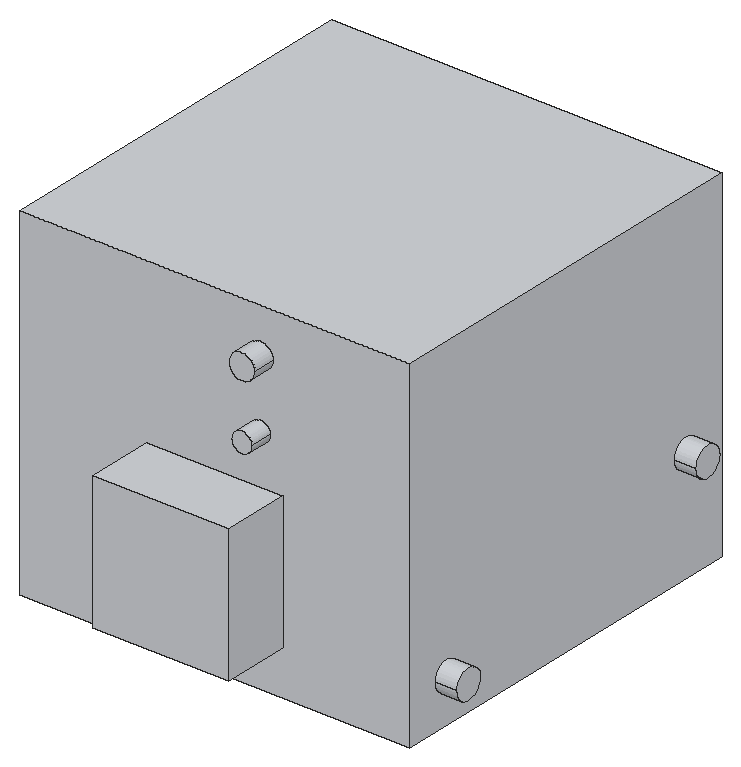
Revit family "Unidade condensadora - Sistema Split - Resfriado a água - 12-36 kBtu", category Equipamento mecânico, Revit 2019
Family settings
  Cota do conector redondo = Usar raio
  Tipo de parte = Normal
  ID de item do Seek = Air Handling Unit - Split System - Horizontal-0000-CAN-ENU
  Com base no plano de trabalho = Não
  Sempre na vertical = Sim
  Corte com vazios quando carregada = Não
  Compartilhado = Não
  Ponto de cálculo do ambiente = Não
Parameters (values of type "Padrão")
  Largura = 450 mm
  Raio da água = 16 mm
  Fluxo da água [instance] = 0.0 L/s
  Diâmetro da água = Raio da água * 2  # 32 mm
  Voltagem = 230 V
  Classificação de carga = Refrigeração
  Raio DX de saída = 11 mm
  Diâmetro DX de saída = Raio DX de saída * 2  # 22 mm
  Fluxo DX [instance] = 0.0 L/s
  Número de pólos = 1
  Comprimento = 430 mm
  Altura = 380 mm
  Raio DX de entrada = 14 mm
  Diâmetro DX de entrada = Raio DX de entrada * 2  # 28 mm
  Capacidade de refrigeração = 0 Btu/h
  Material da unidade condensadora = none
  Assembly Code = ""
  Carga aparente = 516 VA
Reference planes
  plane 1 "Parte frontal": y = 0
  plane 2: z = 0
  plane 3 "Esquerda": x = 0
  plane 4 "Parte posterior": y = 430
  plane 5: z = 380
  plane 6: z = 125
  plane 7 "Centro (Esquerda/Direita)": x = 215
  plane 8 "Centro (Frente/Trás)": y = 215
  plane 9 "Direita": x = 430
  plane 10 "Topo da elétrica": z = 200
  plane 11 "Parte inferior da elétrica": z = 50
  plane 12: x = 290
  plane 13: x = 140
  plane 14: x = 265
  plane 15 "Parte inferior do DX": z = 255
  plane 16 "Topo DX": z = 330
  plane 17 "Centro X": z = 190
  plane 18: y = -75
Forms (mm)
  Extrusion 1, solid, material <- "Material da unidade condensadora"
    sketch origin (0, 0, 0) x (1, 0, 0) y (0, 1, 0)
      loop
        line (0, 430) -> (0, 0) -> (430, 0) -> (430, 430) -> (0, 430)
    from 0 to 380
  Extrusion 2, solid, material <- "Material da unidade condensadora"
    sketch origin (0, 0, 0) x (1, 0, 0) y (0, 0, 1)
      loop
        line (140, 200) -> (140, 50) -> (290, 50) -> (290, 200) -> (140, 200)
    from 0 to 75
  Extrusion 3, solid, material <- "Material da unidade condensadora"
    sketch origin (0, 0, 0) x (1, 0, 0) y (0, 0, 1)
      loop
        circle (265, 255) r 11
      loop
        circle (265, 330) r 14
    from 0 to 25
  Extrusion 4, solid, material <- "Material da unidade condensadora"
    sketch origin (430, 0, 0) x (0, 1, 0) y (0, 0, 1)
      loop
        circle (50, 50) r 16
      loop
        circle (380, 125) r 16
    from 0 to 25
Dimensions and locks
  "Comprimento": plane 1 "Parte frontal" to plane 4 "Parte posterior"
  equal spacing: plane 4 "Parte posterior", plane 8 "Centro (Frente/Trás)", plane 1 "Parte frontal"
  locked: plane 10 "Topo da elétrica" to plane 11 "Parte inferior da elétrica" at 150
  equal spacing: plane 10 "Topo da elétrica", plane 6, plane 11 "Parte inferior da elétrica"
  equal spacing: plane 5, plane 17 "Centro X", plane 2
  "Altura": plane 5 to plane 2
  locked: plane 5 to plane 16 "Topo DX" at 50
  "Comprimento": plane 3 "Esquerda" to plane 9 "Direita"
  locked: plane 11 "Parte inferior da elétrica" to plane 2 at 50
  equal spacing: plane 9 "Direita", plane 7 "Centro (Esquerda/Direita)", plane 3 "Esquerda"
  equal spacing: plane 12, plane 7 "Centro (Esquerda/Direita)", plane 13
  locked: plane 12 to plane 13 at 150
  locked: plane 1 "Parte frontal" to plane 18 at 75
  locked: plane 16 "Topo DX" to plane 15 "Parte inferior do DX" at 75
  locked: plane 14 to plane 7 "Centro (Esquerda/Direita)" at 50
  locked: plane 1 "Parte frontal" to Extrusion 4 sketch curve at 50
  locked: Extrusion 4 sketch curve to plane 4 "Parte posterior" at 50
  equal spacing: plane 3 "Esquerda", plane 7 "Centro (Esquerda/Direita)", plane 9 "Direita"
  "Raio DX de saída": radius of Extrusion 3 sketch curve
  "Raio DX de entrada": radius of Extrusion 3 sketch curve
  "Raio da água": radius of Extrusion 4 sketch curve  (x2)
  aligned and locked: plane 3 "Esquerda" to Extrusion 1 sketch curve
  aligned and locked: Extrusion 1 sketch curve to plane 4 "Parte posterior"
  aligned and locked: plane 1 "Parte frontal" to Extrusion 1 sketch curve
  aligned and locked: plane 5 to Extrusion 1
  aligned and locked: plane 9 "Direita" to Extrusion 1
  aligned and locked: Extrusion 2 to plane 11 "Parte inferior da elétrica"
  aligned and locked: plane 10 "Topo da elétrica" to Extrusion 2
  aligned and locked: Extrusion 2 to plane 13
  aligned and locked: plane 12 to Extrusion 2
  aligned and locked: plane 16 "Topo DX" to Extrusion 3 sketch curve
  aligned and locked: plane 14 to Extrusion 3 sketch curve  (x2)
  aligned and locked: plane 15 "Parte inferior do DX" to Extrusion 3 sketch curve
  aligned and locked: Extrusion 1 to plane 5
  aligned and locked: Extrusion 2 to plane 1 "Parte frontal"
  aligned and locked: Extrusion 2 to plane 18
  aligned and locked: plane 11 "Parte inferior da elétrica" to Extrusion 4 sketch curve
  aligned and locked: plane 6 to Extrusion 4 sketch curve
Automatic sketch dimensions
  plane 7 "Centro (Esquerda/Direita)" to Extrusion 2 sketch curve = 75 mm
  Extrusion 2 sketch curve to plane 6 = 75 mm
  Extrusion 2 sketch curve to Extrusion 2 sketch curve = 150 mm
  Extrusion 2 sketch curve to plane 7 "Centro (Esquerda/Direita)" = 75 mm
  Extrusion 1 sketch curve to plane 9 "Direita" = 0 mm
Connectors
  piping at (265, -25, 255), diameter 22, driven by "Raio DX de saída", driven by "Fluxo DX"
    settings: on Extrusion 3, index 9, connector inside diameter 22 mm, connector length 0 mm, flow factor 0, pipe flow 0.0 L/s, pressure drop 0.0 Pa, fitting loss kfactor 0, connector angle 0.00°, fixture units 0, engagement length 0 mm, angle of deflection 0.00°, flow configuration 1, flow direction 2, fitting loss method 0, system type 22, joint type 0, gender type 0, connector reference index 10, connector utility 0, adjustable connector no, is connector primary yes, connector description "Saída do refrigerante"
  piping at (265, -25, 330), diameter 28, driven by "Raio DX de entrada", driven by "Fluxo DX"
    settings: on Extrusion 3, index 10, connector inside diameter 28 mm, connector length 0 mm, flow factor 0, pipe flow 0.0 L/s, pressure drop 0.0 Pa, fitting loss kfactor 0, connector angle 0.00°, fixture units 0, engagement length 0 mm, angle of deflection 0.00°, flow configuration 1, flow direction 1, fitting loss method 0, system type 22, joint type 0, gender type 0, connector reference index 9, connector utility 0, adjustable connector no, is connector primary no, connector description "Entrada do refrigerante"
  electrical at (215, -75, 125), driven by "Número de pólos", driven by "Classificação de carga", driven by "Voltagem", driven by "Carga aparente"
    settings: on Extrusion 2, index 13, voltage 230 V, apparent load 516 VA, apparent load phase1 0 VA, apparent load phase2 0 VA, apparent load phase3 0 VA, power factor 0.8, load classification "Refrigeração", number of poles 1, system type 30, power factor state 1, is connector primary yes, connector utility no, sub classification motor no, connector description "Potência"
  piping at (455, 50, 50), diameter 32, driven by "Raio da água", driven by "Fluxo da água"
    settings: on Extrusion 4, index 14, connector inside diameter 32 mm, connector length 0 mm, flow factor 0, pipe flow 0.0 L/s, pressure drop 0.0 Pa, fitting loss kfactor 0, connector angle 0.00°, fixture units 0, engagement length 0 mm, angle of deflection 0.00°, flow configuration 0, flow direction 1, fitting loss method 0, system type 7, joint type 0, gender type 0, connector reference index 15, connector utility 0, adjustable connector no, is connector primary no, connector description "Entrada de água"
  piping at (455, 380, 125), diameter 32, driven by "Fluxo da água", driven by "Raio da água"
    settings: on Extrusion 4, index 15, connector inside diameter 32 mm, connector length 0 mm, flow factor 0, pipe flow 0.0 L/s, pressure drop 0.0 Pa, fitting loss kfactor 0, connector angle 0.00°, fixture units 0, engagement length 0 mm, angle of deflection 0.00°, flow configuration 0, flow direction 2, fitting loss method 0, system type 8, joint type 0, gender type 0, connector reference index 14, connector utility 0, adjustable connector no, is connector primary no, connector description "Saída de água"
Types in the file's own list only (4): name | Largura | Comprimento | Altura | Capacidade de refrigeração
  12000 Btu/h | 450 mm | 430 mm | 380 mm | 12000 Btu/h
  18000 Btu/h | 450 mm | 430 mm | 380 mm | 18000 Btu/h
  24000 Btu/h | 500 mm | 470 mm | 460 mm | 24000 Btu/h
  36000 Btu/h | 500 mm | 470 mm | 555 mm | 36000 Btu/h
